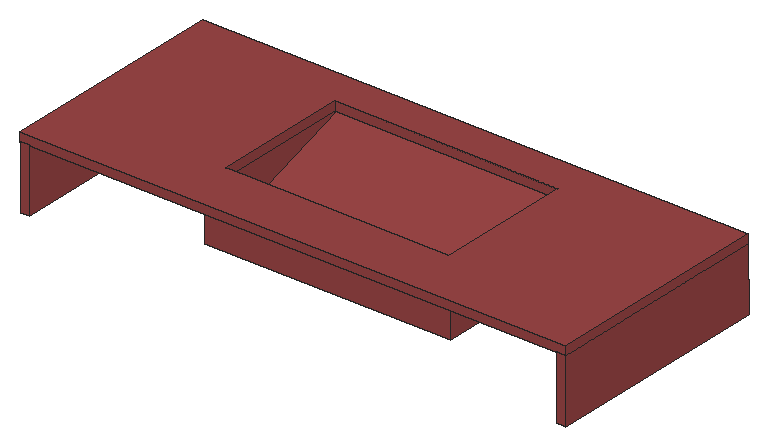
Revit family "Sanitary_Basins_Cosentino_Simplicity", category Plumbing Fixtures, host Wall, Revit 2020
Family settings
  Host = Wall
  Round Connector Dimension = Use Diameter
  Part Type = Normal
  Always vertical = Yes
  Cut with Voids When Loaded = No
  Shared = No
  Room Calculation Point = No
Parameters (values of type "Simplicity")
  Ι_Wdth Cntrl [instance] = if(Width < 500 mm, 500 mm, if(Width > 600 mm, 600 mm, Width))  # 500 mm
  Ι_Vd Dstnc [instance] = if(Tap Hole, 20 mm, 40 mm)  # 40 mm
  Ι_Lngth Cntrl [instance] = if(Length < 1200 mm, 1200 mm, if(Length > 3000 mm, 3000 mm, Length))  # 1200 mm
  Ι_Ffst 2 [instance] = if(Front Offset < 50 mm, 50 mm, 80 mm)  # 80 mm
  Ι_Ffst [instance] = if((Side Offset < Ι_SO_mn), Ι_SO_mn, if(and((Side Offset > Ι_SO_mx), (Ι_Lngth Cntrl - Side Offset) > (490 mm + Ι_SO_mn)), Ι_SO_mx, if(and((Side Offset > Ι_SO_mx), Side Offset > (Ι_Lngth Cntrl - 490 mm - Ι_SO_mn)), Ι_Lngth Cntrl - 490 mm - Ι_SO_mn, if(and((Ι_Lngth Cntrl - Ι_SO_mn - 490 mm) > Ι_SO_mx, Side Offset > Ι_SO_mx), Ι_SO_mx, if(and((Ι_Lngth Cntrl - Ι_SO_mx - 490 mm) > Ι_SO_mn, Side Offset > Ι_SO_mn), Ι_SO_mn, if((Ι_Lngth Cntrl - Side Offset) < (490 mm + 2 * Ι_SO_mn), Ι_SO_mn, Side Offset))))))  # 355 mm
  Width [instance] = 500 mm
  Vent Connection = no
  URL = "www.cosentino.com"
  Tap Hole [instance] = no
  Standard Edge [instance] = yes
  Side Offset [instance] = 355 mm
  Ι_SO_mn [instance] = if(Standard Edge, 120 mm, 100 mm)  # 120 mm
  Ι_SO_mx [instance] = if(Standard Edge, 2410 mm, 2370 mm)  # 2410 mm
  Product data url = "https://www.bimobject.com/cosentino/product/cosentino-simplicity"
  Product Material = Natural Stone - Cosentino - Silestone - White Storm - Suede
  Product Guid = "3d03d7df-6a83-4730-ae87-43f2e4053655"
  Model = "Simplicity"
  Manufacturer = "Cosentino"
  Length [instance] = 1200 mm
  Keynote = "10800"
  Height [instance] = if(Standard Edge, 160 mm, 120 mm)  # 160 mm
  HW Connection = no
  Front Offset [instance] = 80 mm
  Edition number = 1
  Description = "The basin is one of the stars of your bathroom. Cosentino offers unique designs which fit smoothly into your room, your style, and the needs of your family.\r\n\r\nWhether it’s for a master bathroom or a downstairs WC, we have the perfect product to transform your bathroom into a warm, welcoming space."
  Default Elevation = 0 mm
  CW Connection = no
  Assembly Code = "D2010400"
Reference planes
  plane 1 "Wall": y = 0
  plane 2 "Center (Left/Right)": x = 125
  plane 3 "Back": y = 75
  plane 4: x = -475
  plane 5: x = 725
  plane 6 "Front": y = 575
  plane 7: x = -455
  plane 8: x = 705
  plane 9 "Top": z = 900
  plane 10: x = -120
  plane 11: x = 125
  plane 12: x = 370
  plane 13: x = -117.5
  plane 14: x = 367.5
  plane 15: y = 495
  plane 16: y = 555
  plane 17: y = 195
  plane 18: y = 226
  plane 19: z = 880
  plane 20: z = 773
  plane 21: z = 753
  plane 22 "Void": z = 860
  plane 23: z = 740
Forms (mm)
  Extrusion 1, solid, material "Natural Stone - Cosentino - Silestone - White Storm - Suede" <- "Product Material", detail levels medium+fine
    sketch origin (0, 0, 900) x (1, 0, 0) y (0, 1, 0)
      loop
        line (-475, 575) -> (-475, 75) -> (725, 75) -> (725, 575) -> (-475, 575)
      loop
        line (-120, 195) -> (370, 195) -> (370, 495) -> (-120, 495) -> (-120, 195)
    from 0 to -20
  Extrusion 2, void
    sketch origin (0, 0, 900) x (1, 0, 0) y (0, 1, 0)
      loop
        circle (125, 135) r 15.875
    from -40 to -20
  Extrusion 3, solid, material "Natural Stone - Cosentino - Silestone - White Storm - Suede" <- "Product Material", visible <- "Standard Edge", detail levels medium+fine
    sketch origin (0, 0, 900) x (1, 0, 0) y (0, 1, 0)
      loop
        line (-475, 575) -> (-475, 75) -> (-455, 75) -> (-455, 555) -> (705, 555) -> (705, 75) -> (725, 75) -> (725, 575) -> (-475, 575)
    from -20 to -160
  Extrusion 4, solid, not visible
    sketch origin (2359.306, 225, 753) x (1, 0, 0) y (0, 1, 0)
      loop
        circle (-2234.306, 1) r 1
    from 0 to 1
  Extrusion 5, solid, material "Natural Stone - Cosentino - Silestone - White Storm - Suede" <- "Product Material", detail levels fine
    sketch origin (2359.306, 225, 753) x (1, 0, 0) y (0, 1, 0)
      loop
        line (-2504.306, -55) -> (-1964.306, -55) -> (-1964.306, 295) -> (-2504.306, 295) -> (-2504.306, -55)
    from 0 to 20
  Extrusion 6, solid, material "Natural Stone - Cosentino - Silestone - White Storm - Suede" <- "Product Material", detail levels fine
    sketch origin (2359.306, 225, 753) x (1, 0, 0) y (0, 1, 0)
      loop
        line (-2504.306, 295) -> (-2504.306, -55) -> (-1964.306, -55) -> (-1964.306, 295) -> (-2504.306, 295)
      loop
        line (-1984.306, 275) -> (-2484.306, 275) -> (-2484.306, -35) -> (-1984.306, -35) -> (-1984.306, 275)
    from 20 to 127
  Revolve 7, void
    sketch origin (-920.737, 226, 1200) x (-1, 0, 0) y (0, 0, 1)
      loop
        line (-1045.737, -447) -> (-1045.737, -427) -> (-1061.612, -427) -> (-1061.612, -447) -> (-1045.737, -447)
      axis (-1045.737, -447) -> (-1045.737, -427)
    angle from 0 to 360
  Extrusion 8, solid, material "Natural Stone - Cosentino - Silestone - White Storm - Suede" <- "Product Material", detail levels fine
    sketch origin (125, 0, 0) x (0, 1, 0) y (0, 0, 1)
      loop
        line (500, 858.918) -> (500, 880) -> (263.795, 801.265) -> (262.53, 798.735) -> (268.222, 781.659) -> (500, 858.918)
    from -242.5 to 242.5
  Extrusion 9, solid, material "Natural Stone - Cosentino - Silestone - White Storm - Suede" <- "Product Material", detail levels fine
    sketch origin (125, 0, 0) x (0, 1, 0) y (0, 0, 1)
      loop
        line (481.585, 852.78) -> (481.585, 773.38) -> (500, 773.38) -> (500, 858.918) -> (481.585, 852.78)
      loop
        line (341.212, 805.989) -> (321.21, 799.321) -> (321.21, 773.38) -> (341.212, 773.38) -> (341.212, 805.989)
    from -242.5 to 242.5
  Extrusion 10, solid, material "Natural Stone - Cosentino - Silestone - White Storm - Suede" <- "Product Material", detail levels coarse
    sketch origin (2359.306, 225, 753) x (1, 0, 0) y (0, 1, 0)
      loop
        line (-2834.306, 350) -> (-2834.306, -150) -> (-1634.306, -150) -> (-1634.306, 350) -> (-2834.306, 350)
    from -13 to 147
  Extrusion 11, solid, material "Natural Stone - Cosentino - Silestone - White Storm - Suede" <- "Product Material", detail levels medium
    sketch origin (2359.306, 225, 753) x (1, 0, 0) y (0, 1, 0)
      loop
        line (-2504.306, 295) -> (-2504.306, -55) -> (-1964.306, -55) -> (-1964.306, 295) -> (-2504.306, 295)
    from 0 to 20
  Extrusion 12, solid, material "Natural Stone - Cosentino - Silestone - White Storm - Suede" <- "Product Material", detail levels medium
    sketch origin (2359.306, 225, 773) x (1, 0, 0) y (0, 1, 0)
      loop
        line (-2484.306, 275) -> (-2484.306, -35) -> (-1984.306, -35) -> (-1984.306, 275) -> (-2484.306, 275)
      loop
        line (-1964.306, -55) -> (-1964.306, 295) -> (-2504.306, 295) -> (-2504.306, -55) -> (-1964.306, -55)
    from 0 to 107
  Extrusion 13, void
    sketch origin (2359.306, 225, 740) x (1, 0, 0) y (0, 1, 0)
      loop
        circle (-2234.306, 1) r 15.875
    from 0 to 13
  Extrusion 14, solid, material "Metal - Cosentino - Stainless Steel", detail levels fine
    sketch origin (125, 0, 0) x (0, 1, 0) y (0, 0, 1)
      loop
        line (261, 773) -> (261, 794.62) -> (191, 794.62) -> (191, 773) -> (261, 773)
    from -242.5 to 242.5
Cuts and joins
  Extrusion 2 cuts Extrusion 1
  Revolve 7 cuts Extrusion 5
  Revolve 7 cuts Extrusion 6
  joined: Extrusion 5, Extrusion 6
  Extrusion 13 cuts Extrusion 10
Text (mm)
  text "Placement Side" at (-1848.837, 1116.779, 0), in view "Ref. Level"
  text "Placement side" at (0, 1409.804, 2854.306), in view "Left"
  text "Placement side" at (0, 499.811, 2980.732), in view "Right"
Dimensions and locks
  locked: plane 3 "Back" to host wall
  "Ι_Wdth Cntrl": plane 3 "Back" to plane 6 "Front"
  locked: plane 4 to plane 7 at 20
  locked: plane 8 to plane 5 at 20
  "Ι_Lngth Cntrl": plane 4 to plane 5
  equal spacing: plane 10, plane 11, plane 12
  locked: plane 10 to plane 12 at 490
  locked: plane 10 to plane 13 at 2.5
  locked: plane 14 to plane 12 at 2.5
  "Ι_Ffst 2": plane 6 "Front" to plane 15
  locked: plane 6 "Front" to plane 16 at 20
  locked: plane 18 to plane 17 at 31
  locked: plane 15 to plane 17 at 300
  equal spacing: plane 3 "Back", Extrusion 2 sketch curve, plane 17
  locked: plane 19 to plane 9 "Top" at 20
  locked: plane 21 to plane 20 at 20
  locked: plane 21 to plane 9 "Top" at 147
  "Ι_Vd Dstnc": plane 22 "Void" to plane 9 "Top"
  locked: plane 22 "Void" to Extrusion 2 at 20
  locked: plane 23 to plane 9 "Top" at 160
  "Ι_Ffst": plane 12 to plane 5
  equal spacing: plane 4, plane 2 "Center (Left/Right)", plane 5
  locked: Extrusion 5 sketch curve to plane 10 at 25
  locked: plane 12 to Extrusion 5 sketch curve at 25
  locked: Extrusion 5 sketch curve to plane 15 at 25
  locked: plane 17 to Extrusion 5 sketch curve at 25
  locked: Extrusion 11 sketch curve to plane 15 at 25
  locked: plane 17 to Extrusion 11 sketch curve at 25
  locked: Extrusion 11 sketch curve to plane 10 at 25
  locked: plane 12 to Extrusion 11 sketch curve at 25
  Extrusion 12 sketch curve to Extrusion 12 sketch curve to plane 15 = 20 mm locked, 5 mm locked
  plane 17 to Extrusion 12 sketch curve to Extrusion 12 sketch curve = 5 mm locked, 20 mm locked
  Extrusion 12 sketch curve to Extrusion 12 sketch curve to plane 10 = 20 mm locked, 5 mm locked
  plane 12 to Extrusion 12 sketch curve to Extrusion 12 sketch curve = 5 mm locked, 20 mm locked
  plane 17 to Extrusion 6 sketch curve to Extrusion 6 sketch curve = 5 mm locked, 20 mm locked
  Extrusion 6 sketch curve to Extrusion 6 sketch curve to plane 15 = 20 mm locked, 5 mm locked
  Extrusion 6 sketch curve to Extrusion 6 sketch curve to plane 10 = 20 mm locked, 5 mm locked
  plane 12 to Extrusion 6 sketch curve to Extrusion 6 sketch curve = 5 mm locked, 20 mm locked
  Extrusion 8 sketch curve to plane 15 to Extrusion 8 sketch curve to Extrusion 8 sketch curve to Extrusion 8 sketch curve = 5 mm locked, 226.778 mm locked, 4.427 mm locked, 1.265 mm locked
  plane 9 "Top" to Extrusion 8 sketch curve to Extrusion 8 sketch curve to Extrusion 8 sketch curve to Extrusion 8 sketch curve to Extrusion 8 sketch curve = 20 mm locked, 21.082 mm locked, 57.653 mm locked, 2.53 mm locked, 17.076 mm locked
  plane 9 "Top" to Extrusion 9 sketch curve to Extrusion 9 sketch curve to Extrusion 9 sketch curve = 41.082 mm locked, 6.138 mm locked, 79.4 mm locked
  plane 9 "Top" to Extrusion 9 sketch curve to Extrusion 9 sketch curve to Extrusion 9 sketch curve = 94.011 mm locked, 6.667 mm locked, 25.941 mm locked
  Extrusion 9 sketch curve to plane 15 to Extrusion 9 sketch curve to Extrusion 9 sketch curve to Extrusion 9 sketch curve = 5 mm locked, 13.415 mm locked, 140.374 mm locked, 20.002 mm locked
  locked: Extrusion 14 sketch curve to plane 20 at 21.62
  Extrusion 14 sketch curve to plane 17 to Extrusion 14 sketch curve = 66 mm locked, 4 mm locked
  aligned and locked: plane 1 "Wall" to host wall
  aligned and locked: Extrusion 1 sketch curve to plane 3 "Back"
  aligned and locked: Extrusion 1 sketch curve to plane 6 "Front"
  aligned and locked: plane 5 to Extrusion 1 sketch curve
  aligned and locked: plane 4 to Extrusion 1 sketch curve
  aligned and locked: Extrusion 1 sketch curve to plane 17
  aligned and locked: Extrusion 1 sketch curve to plane 10
  aligned and locked: plane 15 to Extrusion 1 sketch curve
  aligned and locked: plane 12 to Extrusion 1 sketch curve
  aligned and locked: plane 11 to Extrusion 2 sketch curve
  aligned and locked: Extrusion 1 to plane 19
  aligned and locked: Extrusion 2 to plane 22 "Void"
  aligned and locked: plane 6 "Front" to Extrusion 3 sketch curve
  aligned and locked: Extrusion 3 sketch curve to plane 4
  aligned and locked: plane 7 to Extrusion 3 sketch curve
  aligned and locked: Extrusion 3 sketch curve to plane 16
  aligned and locked: Extrusion 3 sketch curve to plane 5
  aligned and locked: plane 8 to Extrusion 3 sketch curve
  aligned and locked: plane 3 "Back" to Extrusion 3 sketch curve  (x2)
  aligned and locked: plane 19 to Extrusion 3
  aligned and locked: Extrusion 3 to plane 23
  aligned and locked: plane 11 to Extrusion 4 sketch curve
  aligned and locked: plane 18 to Extrusion 4 sketch curve
  aligned and locked: plane 20 to Extrusion 5
  aligned and locked: plane 19 to Extrusion 6
  aligned and locked: Extrusion 6 to plane 20
  aligned and locked: Revolve 7 sketch curve to plane 11  (x2)
  aligned and locked: plane 21 to Revolve 7 sketch curve
  aligned and locked: plane 20 to Revolve 7 sketch curve
  aligned and locked: Extrusion 8 to plane 13
  aligned and locked: Extrusion 8 to plane 14
  aligned and locked: Extrusion 9 to plane 14
  aligned and locked: Extrusion 9 to plane 13
  aligned and locked: plane 5 to Extrusion 10 sketch curve
  aligned and locked: Extrusion 10 sketch curve to plane 3 "Back"
  aligned and locked: Extrusion 10 sketch curve to plane 6 "Front"
  aligned and locked: plane 4 to Extrusion 10 sketch curve
  aligned and locked: Extrusion 10 to plane 23
  aligned and locked: plane 9 "Top" to Extrusion 10
  aligned and locked: plane 20 to Extrusion 11
  aligned and locked: plane 19 to Extrusion 12
  aligned and locked: plane 11 to Extrusion 13 sketch curve
  aligned and locked: plane 18 to Extrusion 13 sketch curve
  aligned and locked: plane 21 to Extrusion 13
  aligned and locked: Extrusion 14 sketch curve to plane 20
  aligned and locked: Extrusion 14 to plane 14
  aligned and locked: Extrusion 14 to plane 13
Automatic sketch dimensions
  Revolve 7 sketch curve to plane 23 = 200 mm
  plane 9 "Top" to Revolve 7 sketch curve = 340 mm
  Revolve 7 sketch curve to Revolve 7 sketch curve = 15.875 mm
  radius of Extrusion 2 sketch curve = 15.875 mm
  radius of Extrusion 4 sketch curve = 1 mm
  radius of Extrusion 13 sketch curve = 15.875 mm
Connectors
  piping at (125, 226, 753), diameter 35
    settings: on Extrusion 4, index 1, connector inside diameter 609.6 mm, connector length 0 mm, flow factor 0, pipe flow 0.0 L/s, pressure drop 0.0 Pa, fitting loss kfactor 0, connector angle 0.00°, fixture units 0, engagement length 0 mm, angle of deflection 0.00°, flow configuration 3, flow direction 2, fitting loss method 0, system type 16, joint type 0, gender type 0, connector reference index -1, connector utility 0, adjustable connector no, is connector primary yes, connector description ""
